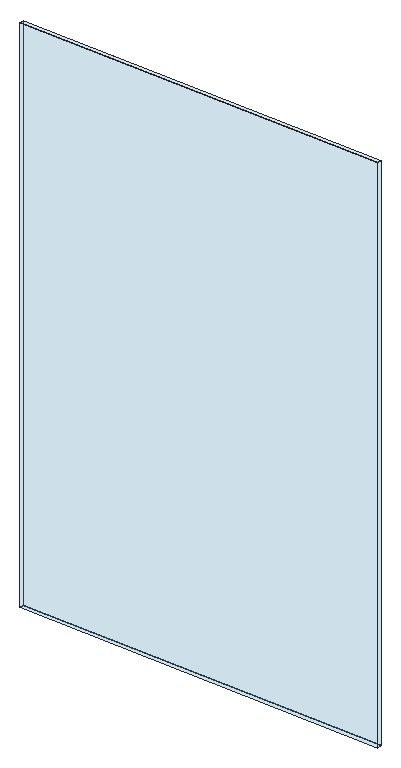
Revit family
Parameters (values of type "유리 패널")
  두께 = 25.00 mm
  유리 재료 = 유리
  간격띄우기 = 63.50 mm
Reference planes
  plane 1: y = 0
  plane 2: z = 0
  plane 3: x = 0
  plane 4: x = -831.877
  plane 5: x = 831.877
  plane 6: z = 2438.4
Forms (mm)
  Extrusion 1, solid, material "유리" <- "유리 재료"
    sketch origin (0, 0, 0) x (1, 0, 0) y (0, 1, 0)
      loop
        line (-831.877, 38.5) -> (831.877, 38.5) -> (831.877, 63.5) -> (-831.877, 63.5) -> (-831.877, 38.5)
    from 0 to 2438.4
Lines and regions (mm)
  symbolic lines, style "유리"
    curve 1: line (-831.877, 63.5, 0) -> (831.877, 63.5, 0)
Text (mm)
  text "외부" at (-1328.559, 631.882, 0), in view "기준선"
Dimensions and locks
  equal spacing: plane 4, plane 3, plane 5
  "간격띄우기": plane 1 to Extrusion 1 sketch curve
  "두께": Extrusion 1 sketch curve to Extrusion 1 sketch curve
  locked: curve 1 to Extrusion 1 at 0
  aligned and locked: plane 4 to curve 1
  aligned and locked: plane 5 to curve 1
  aligned and locked: plane 5 to Extrusion 1 sketch curve
  aligned and locked: Extrusion 1 sketch curve to plane 5
  aligned and locked: Extrusion 1 to level
  aligned and locked: Extrusion 1 to plane 6
Automatic sketch dimensions
  Extrusion 1 sketch curve to plane 4 = 0.00 mm
